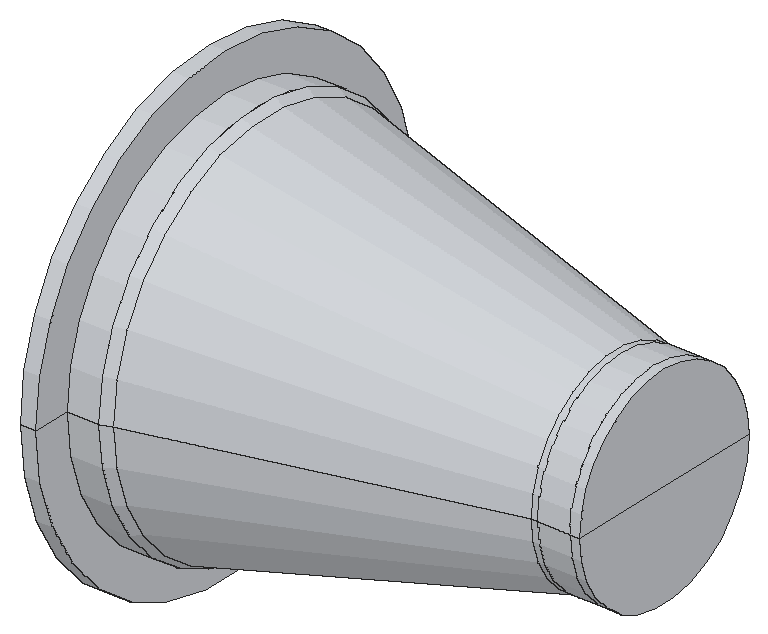
Revit family "d33e687abf7b431094cfb27b54316228", category Pipe Fittings, Revit 2021
Family settings
  Round Connector Dimension = Use Radius
  Part Type = Transition
  OmniClass Number = 23.60.30.11.14
  OmniClass Title = Pipework Fittings
  Work Plane-Based = No
  Always vertical = Yes
  Cut with Voids When Loaded = No
  Shared = No
Parameters (values of type "Standard")
  Visibility 2 [instance] = Nominal Diameter 2 > Nominal Diameter 1  # no
  Visibility 1 [instance] = Nominal Diameter 1 > Nominal Diameter 2  # yes
  URL = ""
  Type Comments = ""
  Tick Size 2 [instance] = if(Nominal Diameter 1 > Nominal Diameter 2, Min Tick Size 12, Max Tick Size 12)  # 6.9600"
  Tick Size 1 [instance] = if(Nominal Diameter 1 > Nominal Diameter 2, Max Tick Size 12, Min Tick Size 12)  # 12.8000"
  Min Tick Size 12 [instance] = Min Fitting Outside Diameter 12 * 0.4  # 6.9600"
  Max Tick Size 12 [instance] = Max Fitting Outside Diameter 12 * 0.4  # 12.8000"
  Socket Outside Radius 2 [instance] = Socket Outside Diameter 2 / 2  # 8.7000"
  Socket Outside Radius 1 [instance] = Socket Outside Diameter 1 / 2  # 16.4100"
  Socket Outside Diameter 2 [instance] = if(Nominal Diameter 1 > Nominal Diameter 2, Fitting Outside Diameter 2, Max Socket Outside Diameter 12)  # 17.4000"
  Socket Outside Diameter 1 [instance] = if(Nominal Diameter 1 > Nominal Diameter 2, Max Socket Outside Diameter 12, Fitting Outside Diameter 1)  # 32.8200"
  Socket Depth 2 [instance] = if(Nominal Diameter 2 < 14.0000", 2.5000", if(Nominal Diameter 2 < 30.0000", 3.5000", 4.0000"))  # 3.5000"
  Socket Depth 1 [instance] = if(Nominal Diameter 1 < 14.0000", 2.5000", if(Nominal Diameter 1 < 30.0000", 3.5000", 4.0000"))  # 4.0000"
  Min Socket Outside Diameter 12 [instance] = size_lookup(Lookup Table Name, "SOD", 1.08 * Min Nominal Diameter 12 + 1.1200", Min Nominal Diameter 12)  # 17.9800"
  Max Socket Outside Diameter 12 [instance] = size_lookup(Lookup Table Name, "SOD", 1.08 * Max Nominal Diameter 12 + 1.1200", Max Nominal Diameter 12)  # 32.8200"
  Nominal Radius 2 [instance] = 8.0000"
  Nominal Radius 1 [instance] = 15.0000"
  Nominal Diameter 2 [instance] = Nominal Radius 2 * 2  # 16.0000"
  Nominal Diameter 1 [instance] = Nominal Radius 1 * 2  # 30.0000"
  Min Nominal Diameter 12 [instance] = if(Nominal Diameter 1 > Nominal Diameter 2, Nominal Diameter 2, Nominal Diameter 1)  # 16.0000"
  Max Nominal Diameter 12 [instance] = if(Nominal Diameter 1 > Nominal Diameter 2, Nominal Diameter 1, Nominal Diameter 2)  # 30.0000"
  Manufacturer = ""
  Loss Method = K Coefficient from Table
  Lookup Table Name = "Reducer Compact - MJ x PE - DI - Class 250"
  Length [instance] = if(Nominal Diameter 1 = Nominal Diameter 2, 38.0000", size_lookup(Lookup Table Name, "Lgt", 1.7500" + 1.0774 * Max Nominal Diameter 12 - 0.9177 * Min Nominal Diameter 12, Max Nominal Diameter 12, Min Nominal Diameter 12))  # 33.5600"
  K Coefficient Table = "Reducer/Coupling/Union/Increaser"
  Fitting Outside Radius 2 [instance] = Fitting Outside Diameter 2 / 2  # 8.7000"
  Fitting Outside Radius 1 [instance] = Fitting Outside Diameter 1 / 2  # 16.0000"
  Min Fitting Outside Diameter 12 [instance] = size_lookup(Lookup Table Name, "FOD", 1.04 * Min Nominal Diameter 12 + 0.7000", Min Nominal Diameter 12)  # 17.4000"
  Max Fitting Outside Diameter 12 [instance] = size_lookup(Lookup Table Name, "FOD", 1.04 * Max Nominal Diameter 12 + 0.7000", Max Nominal Diameter 12)  # 32.0000"
  built-in parameter 1114238 [instance] = (empty or 0)
  Fitting Outside Diameter 2 [instance] = if(Nominal Diameter 1 > Nominal Diameter 2, Min Fitting Outside Diameter 12, Max Fitting Outside Diameter 12)  # 17.4000"
  Fitting Outside Diameter 1 [instance] = if(Nominal Diameter 1 > Nominal Diameter 2, Max Fitting Outside Diameter 12, Min Fitting Outside Diameter 12)  # 32.0000"
  Description = ""
  Default Elevation = 0.0000"
  Bevel Length 2 [instance] = size_lookup(Lookup Table Name, "BvLgt", 0.04 * Nominal Diameter 2 + 0.4300", Nominal Diameter 2)  # 0.5800"
  Bevel Length 1 [instance] = size_lookup(Lookup Table Name, "BvLgt", 0.04 * Nominal Diameter 1 + 0.4300", Nominal Diameter 1)  # 0.8200"
  Gland Width 2 [instance] = size_lookup(Lookup Table Name, "GWid", 0.03 * Nominal Diameter 2 + 0.9400", Nominal Diameter 2)  # 0.8500"
  Gland Width 1 [instance] = size_lookup(Lookup Table Name, "GWid", 0.03 * Nominal Diameter 1 + 0.9400", Nominal Diameter 1)  # 1.3100"
  Gland Outside Radius 1 [instance] = Gland Outside Diameter 1 / 2  # 19.5600"
  Gland Outside Radius 2 [instance] = Gland Outside Diameter 2 / 2  # 8.7000"
  Max Gland Outside Diameter 12 [instance] = size_lookup(Lookup Table Name, "GOD", 1.16 * Max Nominal Diameter 12 + 4.0300", Max Nominal Diameter 12)  # 39.1200"
  Min Gland Outside Diameter 12 [instance] = size_lookup(Lookup Table Name, "GOD", 1.16 * Min Nominal Diameter 12 + 4.0300", Min Nominal Diameter 12)  # 22.5000"
  Gland Outside Diameter 2 [instance] = if(Nominal Diameter 1 > Nominal Diameter 2, Fitting Outside Diameter 2, Max Gland Outside Diameter 12)  # 17.4000"
  Gland Outside Diameter 1 [instance] = if(Nominal Diameter 1 > Nominal Diameter 2, Max Gland Outside Diameter 12, Fitting Outside Diameter 1)  # 39.1200"
  Assembly Code = ""
Reference planes (in)
  plane 1 "Center (Front/Back)": y = 0
  plane 2: z = 0
  plane 3 "Center (Left/Right)": x = 0
  plane 4 "Right": x = 37.56
  plane 5 "TK1 Top": y = 12.8
  plane 6 "TK1 Bottom": y = -12.8
  plane 7 "TK2 Top": y = 6.96
  plane 8 "TK2 Bottom": y = -6.96
  plane 9: y = 19.56
  plane 10: y = 16.41
  plane 11: x = 4
  plane 12: x = 4.82
  plane 13: y = 16
  plane 14 "SD2R": x = 34.06
  plane 15: x = 1.31
  plane 16: x = 36.71
  plane 17: x = 33.48
  plane 18: y = 8.7
  plane 19: y = 8.7
  plane 20: y = 8.7
Forms (in)
  Extrusion 1, solid, not visible
    sketch origin (0, 0, 0) x (0, 1, 0) y (0, 0, 1)
      loop
        circle (0, 0) r 1
    from 0 to 37.56
  Revolve 2, solid, detail levels fine
    sketch origin (0, 0, 0) x (1, 0, 0) y (0, 1, 0)
      loop
        line (1.31, 16.41) -> (1.31, 0) -> (36.71, 0) -> (36.71, 8.7) -> (34.06, 8.7) -> (33.48, 8.69823) -> (4.82, 16) -> (4, 16.41) -> (1.31, 16.41)
      axis (1.31, 0) -> (36.71, 0)
    angle from 0 to 360
  Revolve 3, solid, detail levels fine
    sketch origin (0, 0, 0) x (1, 0, 0) y (0, 1, 0)
      loop
        line (0, 0) -> (1.31, 0) -> (1.31, 19.56) -> (0, 19.56) -> (0, 0)
      loop
        line (37.56, 0) -> (37.56, 8.7) -> (36.71, 8.7) -> (36.71, 0) -> (37.56, 0)
      axis (0, 0) -> (37.56, 0)
    angle from 0 to 360
Cuts and joins
  joined: Revolve 2, Revolve 3
Lines and regions (in)
  model lines, detail levels coarse+medium
    curve 1: line (0, 0, 0) -> (0, 12.8, 0)
    curve 2: line (0, -12.8, 0) -> (0, 0, 0)
    curve 3: line (37.56, 0, 0) -> (37.56, 6.96, 0)
    curve 4: line (37.56, 0, 0) -> (37.56, -6.96, 0)
  model lines, style "PipeFitting", visible <- "Visibility 1", detail levels coarse+medium
    curve 5: line (0, 12.8, 0) -> (37.56, 0, 0)
    curve 6: line (0, -12.8, 0) -> (37.56, 0, 0)
  model lines, style "PipeFitting", visible <- "Visibility 2", detail levels coarse+medium
    curve 7: line (37.56, 6.96, 0) -> (0, 0, 0)
    curve 8: line (0, 0, 0) -> (37.56, -6.96, 0)
Dimensions and locks (in)
  "Tick Size 1": plane 5 "TK1 Top" to plane 1 "Center (Front/Back)"
  "Tick Size 1": plane 6 "TK1 Bottom" to plane 1 "Center (Front/Back)"
  "Tick Size 2": plane 7 "TK2 Top" to plane 1 "Center (Front/Back)"
  "Tick Size 2": plane 8 "TK2 Bottom" to plane 1 "Center (Front/Back)"
  "Gland Outside Radius 1": plane 9 to plane 1 "Center (Front/Back)"
  "Socket Outside Radius 1": plane 1 "Center (Front/Back)" to plane 10
  "Fitting Outside Radius 1": plane 13 to plane 1 "Center (Front/Back)"
  "Socket Depth 2": plane 14 "SD2R" to plane 4 "Right"
  "Socket Depth 1": plane 3 "Center (Left/Right)" to plane 11
  "Gland Width 1": plane 3 "Center (Left/Right)" to plane 15
  "Gland Width 2": plane 16 to plane 4 "Right"
  "Bevel Length 1": plane 11 to plane 12
  "Bevel Length 2": plane 17 to plane 14 "SD2R"
  "Fitting Outside Radius 2": plane 18 to plane 1 "Center (Front/Back)"
  "Socket Outside Radius 2": plane 19 to plane 1 "Center (Front/Back)"
  "Gland Outside Radius 2": plane 20 to plane 1 "Center (Front/Back)"
  "Length": plane 11 to plane 4 "Right"
  radius of Extrusion 1 sketch curve = 1.0000"
  aligned and locked: plane 2 to level
  aligned and locked: plane 2 to Extrusion 1 sketch curve
  aligned and locked: plane 1 "Center (Front/Back)" to Extrusion 1 sketch curve
  aligned and locked: Extrusion 1 to plane 3 "Center (Left/Right)"
  aligned and locked: plane 4 "Right" to Extrusion 1
  aligned and locked: plane 1 "Center (Front/Back)" to curve 2
  aligned and locked: plane 3 "Center (Left/Right)" to curve 1
  aligned and locked: plane 3 "Center (Left/Right)" to curve 2
  aligned and locked: plane 5 "TK1 Top" to curve 1
  aligned and locked: plane 6 "TK1 Bottom" to curve 2
  aligned and locked: plane 7 "TK2 Top" to curve 3
  aligned and locked: curve 4 to plane 4 "Right"
  aligned and locked: plane 1 "Center (Front/Back)" to Revolve 2 sketch curve
  aligned and locked: Revolve 2 sketch curve to plane 10
  aligned and locked: plane 11 to Revolve 2 sketch curve
  aligned and locked: plane 19 to Revolve 2 sketch curve
  aligned and locked: Revolve 2 sketch curve to Revolve 2 sketch curve
  aligned and locked: Revolve 3 sketch curve to plane 15
  aligned and locked: Revolve 3 sketch curve to plane 9
  aligned and locked: plane 20 to Revolve 3 sketch curve
  aligned and locked: plane 16 to Revolve 3 sketch curve
  aligned and locked: plane 4 "Right" to Revolve 3 sketch curve
  aligned and locked: Revolve 3 sketch curve to Revolve 3 sketch curve  (x2)
  aligned and locked: plane 3 "Center (Left/Right)" to Revolve 3 sketch curve
  aligned and locked: plane 15 to Revolve 2 sketch curve
  aligned and locked: plane 16 to Revolve 2 sketch curve
  aligned and locked: plane 13 to Revolve 2 sketch curve
  aligned and locked: plane 14 "SD2R" to Revolve 2 sketch curve
  aligned and locked: plane 17 to Revolve 2 sketch curve
Automatic sketch dimensions
  plane 8 "TK2 Bottom" to curve 8 = 0.0000"
  plane 1 "Center (Front/Back)" to curve 4 = 0.0000"
  plane 1 "Center (Front/Back)" to Revolve 3 sketch curve = 0.0000"
  Revolve 3 sketch curve to plane 3 "Center (Left/Right)" = 9.7500"
  Revolve 3 sketch curve to Revolve 3 sketch curve = 7.2500"
  Revolve 2 sketch curve to plane 12 = 0.0000"
  Revolve 2 sketch curve to plane 3 "Center (Left/Right)" = 9.7500"
  plane 4 "Right" to Revolve 2 sketch curve = 7.1900"
  Revolve 2 sketch curve to plane 18 = 0.00177"
Connectors (in)
  piping at (0, 0, 0), diameter 30, driven by "Nominal Radius 1"
    settings: on Extrusion 1, index 1, connector inside diameter 30.0000", connector length 0.0000", flow factor 0, pipe flow 0 GPM, pressure drop 0.00 psi, fitting loss kfactor 0, connector angle 0.00°, fixture units 0, engagement length 0.0000", angle of deflection 0.00°, flow configuration 0, flow direction 0, fitting loss method 0, system type 28, joint type 0, gender type 0, connector reference index 2, connector utility 0, adjustable connector no, is connector primary yes, connector description ""
  piping at (37.56, 0, 0), diameter 16, driven by "Nominal Radius 2"
    settings: on Extrusion 1, index 2, connector inside diameter 16.0000", connector length 0.0000", flow factor 0, pipe flow 0 GPM, pressure drop 0.00 psi, fitting loss kfactor 0, connector angle 0.00°, fixture units 0, engagement length 0.0000", angle of deflection 0.00°, flow configuration 0, flow direction 0, fitting loss method 0, system type 28, joint type 0, gender type 0, connector reference index 1, connector utility 0, adjustable connector no, is connector primary no, connector description ""
